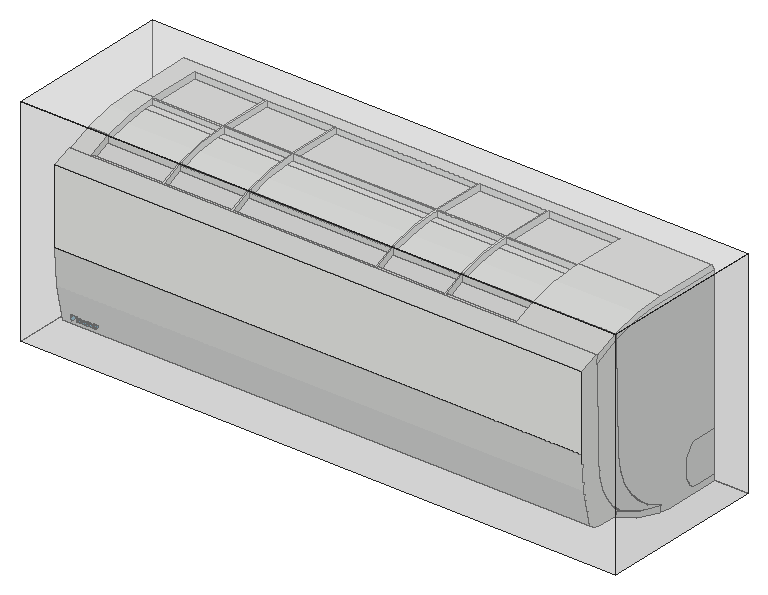
Revit family "outputfile", category 機械設備, Revit 2024 (continued)
Definition of nested family "DAIKIN_indoorunit_FTKC-TVM4"
  Automatic sketch dimensions
    plane 1 "Center (Front/Back)" to Extrusion 23 sketch curve = 5.0 mm
    Extrusion 23 sketch curve to plane 1 "Center (Front/Back)" = 0.0 mm
    Extrusion 23 sketch curve to level = 250.0 mm
    Extrusion 23 sketch curve to Extrusion 23 sketch curve = 229.518 mm
    Extrusion 23 sketch curve to Extrusion 23 sketch curve = 9.433 mm
    plane 1 "Center (Front/Back)" to Extrusion 25 sketch curve = 0.0 mm
    plane 1 "Center (Front/Back)" to Extrusion 25 sketch curve = 35.8 mm
    Extrusion 25 sketch curve to Extrusion 25 sketch curve = 0.0 mm
    Extrusion 25 sketch curve to Extrusion 25 sketch curve = 24.0 mm
    Extrusion 25 sketch curve to level = 287.0 mm
    Extrusion 25 sketch curve to Extrusion 25 sketch curve = 24.6 mm
    plane 1 "Center (Front/Back)" to Extrusion 26 sketch curve = 0.0 mm
    plane 1 "Center (Front/Back)" to Extrusion 26 sketch curve = 35.8 mm
    Extrusion 26 sketch curve to Extrusion 26 sketch curve = 0.0 mm
    Extrusion 26 sketch curve to Extrusion 26 sketch curve = 24.0 mm
    Extrusion 26 sketch curve to level = 287.0 mm
    Extrusion 26 sketch curve to Extrusion 26 sketch curve = 24.6 mm
    plane 8 to Extrusion 27 sketch curve = 48.0 mm
    plane 5 to Extrusion 27 sketch curve = 50.0 mm
    Extrusion 27 sketch curve to level = 250.5 mm  (x2)
    plane 1 "Center (Front/Back)" to Extrusion 28 sketch curve = 0.0 mm  (x2)
    plane 1 "Center (Front/Back)" to Extrusion 28 sketch curve = 35.8 mm  (x2)
    Extrusion 28 sketch curve to Extrusion 28 sketch curve = 0.0 mm  (x2)
    Extrusion 28 sketch curve to Extrusion 28 sketch curve = 24.0 mm  (x2)
    plane 8 to Extrusion 28 sketch curve = 26.2 mm
    Extrusion 28 sketch curve to Extrusion 28 sketch curve = 24.6 mm  (x2)
    plane 5 to Extrusion 28 sketch curve = 11.2 mm
    plane 8 to Extrusion 24 sketch curve = 30.0 mm  (x2)
    Extrusion 24 sketch curve to plane 6 = 10.1 mm  (x5)
    Extrusion 24 sketch curve to Extrusion 24 sketch curve = 0.0 mm  (x41)
    plane 4 to Extrusion 24 sketch curve = 22.0 mm
    Extrusion 24 sketch curve to Extrusion 24 sketch curve = 4.2 mm  (x18)
    Extrusion 24 sketch curve to Extrusion 24 sketch curve = 98.2 mm  (x4)
    Extrusion 24 sketch curve to plane 3 "Center (Left/Right)" = 57.0 mm
    Extrusion 24 sketch curve to Extrusion 24 sketch curve = 14.0 mm  (x2)
    plane 3 "Center (Left/Right)" to Extrusion 24 sketch curve = 54.0 mm
    plane 1 "Center (Front/Back)" to Extrusion 24 sketch curve = 22.7 mm  (x3)
    Extrusion 24 sketch curve to plane 5 = 20.0 mm
    Extrusion 24 sketch curve to Extrusion 24 sketch curve = 44.0 mm  (x5)
    Extrusion 24 sketch curve to Extrusion 24 sketch curve = 4.5 mm  (x4)
    Extrusion 24 sketch curve to Extrusion 24 sketch curve = 66.5 mm  (x4)
    Extrusion 24 sketch curve to Extrusion 24 sketch curve = 9.0 mm  (x4)
  Nested families
    nested 1: "daikin_logo_plane_w40" at (-320, -229.425, -231.122) x (1, 0, 0) z (0, -0.9656, -0.2599), visible <- "switch_unit1_15-35", type "daikin_logo_plane_w40"
      with show_logo yes
    nested 2: "daikin_logo_plane_w40" at (-430, -268.859, -227.4) x (1, 0, 0) z (0, -0.9839, -0.1789), visible <- "switch_unit1_50-71", type "daikin_logo_plane_w40"
      with show_logo yes
  Definition of nested family "daikin_logo_plane_w40"
    Parameters (values of type "daikin_logo_plane_w40")
      width = 40.0 mm
      show_logo [instance] = yes
      material = none
      height = 0.0 mm
      depth = 0.0 mm
      Default Elevation = 1219.2 mm
    Reference planes
      plane 1 "Center (Front/Back)": y = 0
      plane 2: z = 0
      plane 3 "Center (Left/Right)": x = 0
      plane 4: z = 2
      plane 5 "left": x = -19
      plane 6: x = 19
    Forms (mm)
      Extrusion 1, solid, visible <- "show_logo"
        sketch origin (-19, 0, 0) x (1, 0, 0) y (0, 1, 0)
          loop
            line (8.902, -1.878) -> (7.789, -6.332) -> (11.13, -6.332)
            arc (11.13, -6.332) -> (12.454, -6.064) -> (13.472, -5.176) r 2.642
            arc (13.472, -5.176) -> (13.92, -4.02) -> (13.767, -2.79) r 2.537
            arc (13.767, -2.79) -> (13.452, -2.342) -> (12.982, -2.06) r 1.321
            arc (12.982, -2.06) -> (12.063, -1.902) -> (11.13, -1.878) r 6.479
            line (11.13, -1.878) -> (8.902, -1.878)
          loop
            line (10.016, -5.441) -> (10.907, -5.441)
            arc (10.907, -5.441) -> (11.591, -4.983) -> (11.988, -4.261) r 1.742
            spline (11.988, -4.261) -> (12.01, -4.155) -> (12.027, -4.03) -> (12.037, -3.893) -> (12.037, -3.747) -> (12.026, -3.598) -> (12.002, -3.451) -> (11.962, -3.31) -> (11.905, -3.181) -> (11.829, -3.069) -> (11.731, -2.978) -> (11.61, -2.913) -> (11.464, -2.88)
            line (11.464, -2.88) -> (10.573, -2.88) -> (10.016, -5.441)
          loop
            line (13.58, -6.332) -> (14.805, -6.332) -> (15.223, -5.553) -> (16.977, -5.553) -> (17.144, -6.332) -> (19.149, -6.332) -> (18.258, -1.878) -> (16.03, -1.878) -> (13.58, -6.332)
          loop
            line (16.476, -3.214) -> (15.76, -4.551) -> (16.762, -4.551) -> (16.476, -3.214)
          loop
            line (19.705, -6.332) -> (21.599, -6.332) -> (22.712, -1.878) -> (20.819, -1.878) -> (19.705, -6.332)
          loop
            line (22.712, -6.332) -> (24.606, -6.332) -> (24.908, -5.122) -> (25.831, -6.332) -> (28.17, -6.332) -> (26.388, -3.994) -> (28.949, -1.878) -> (26.945, -1.878) -> (25.401, -3.153) -> (25.719, -1.878) -> (23.826, -1.878) -> (22.712, -6.332)
          loop
            line (29.84, -1.878) -> (28.615, -6.332) -> (30.62, -6.332) -> (31.734, -1.878) -> (29.84, -1.878)
          loop
            line (31.734, -6.332) -> (33.07, -6.332) -> (33.7, -3.814) -> (34.518, -6.332) -> (36.745, -6.332) -> (37.859, -1.878) -> (36.523, -1.878) -> (35.845, -4.589) -> (34.963, -1.878) -> (32.847, -1.878) -> (31.734, -6.332)
        from 0 to 2
      Extrusion 2, solid, visible <- "show_logo"
        sketch origin (-19, 0, 0) x (1, 0, 0) y (0, 1, 0)
          loop
            line (8.7, 0) -> (4.235, 0) -> (0, -3.879) -> (0, -8) -> (8.7, 0)
        from 0 to 2
      Extrusion 3, solid, visible <- "show_logo"
        sketch origin (-19, 0, 0) x (1, 0, 0) y (0, 1, 0)
          loop
            line (0, 0) -> (0, -3.879) -> (4.235, 0) -> (0, 0)
        from 0 to 2
    Dimensions and locks
      plane 4 to plane 2 = 2.0 mm
      equal spacing: plane 5 "left", plane 3 "Center (Left/Right)", plane 6
      locked: plane 5 "left" to plane 6 at 38
      aligned and locked: level to plane 2
      aligned and locked: Extrusion 3 to plane 1 "Center (Front/Back)"  (x2)
      aligned and locked: Extrusion 2 to plane 1 "Center (Front/Back)"  (x2)
      aligned and locked: plane 4 to Extrusion 1
      aligned and locked: plane 4 to Extrusion 3
      aligned and locked: plane 4 to Extrusion 2
      aligned and locked: Extrusion 3 to plane 5 "left"
      aligned and locked: Extrusion 2 to plane 5 "left"
    Automatic sketch dimensions
      Extrusion 1 sketch curve to Extrusion 1 sketch curve = 0.901 mm
      Extrusion 1 sketch curve to Extrusion 1 sketch curve = 1.559 mm
      Extrusion 1 sketch curve to Extrusion 1 sketch curve = 1.327 mm
      Extrusion 1 sketch curve to Extrusion 1 sketch curve = 2.145 mm
      Extrusion 1 sketch curve to Extrusion 1 sketch curve = 1.448 mm
      Extrusion 1 sketch curve to Extrusion 1 sketch curve = 2.116 mm
      Extrusion 1 sketch curve to Extrusion 1 sketch curve = 1.114 mm  (x4)
      Extrusion 1 sketch curve to Extrusion 1 sketch curve = 1.336 mm  (x2)
      plane 1 "Center (Front/Back)" to Extrusion 1 sketch curve = 1.878 mm  (x5)
      Extrusion 1 sketch curve to Extrusion 1 sketch curve = 1.893 mm  (x5)
      Extrusion 1 sketch curve to Extrusion 1 sketch curve = 0.891 mm  (x4)
      Extrusion 1 sketch curve to Extrusion 1 sketch curve = 2.005 mm  (x3)
      Extrusion 1 sketch curve to Extrusion 1 sketch curve = 0.445 mm  (x2)
      plane 1 "Center (Front/Back)" to Extrusion 1 sketch curve = 3.994 mm
      Extrusion 1 sketch curve to Extrusion 1 sketch curve = 0.557 mm  (x2)
      Extrusion 1 sketch curve to Extrusion 1 sketch curve = 2.339 mm  (x2)
      Extrusion 1 sketch curve to Extrusion 1 sketch curve = 1.225 mm  (x3)
      plane 1 "Center (Front/Back)" to Extrusion 1 sketch curve = 3.153 mm
      Extrusion 1 sketch curve to Extrusion 1 sketch curve = 0.987 mm
      plane 1 "Center (Front/Back)" to Extrusion 1 sketch curve = 5.122 mm
      Extrusion 1 sketch curve to Extrusion 1 sketch curve = 0.922 mm
      plane 1 "Center (Front/Back)" to Extrusion 1 sketch curve = 6.332 mm
      Extrusion 1 sketch curve to Extrusion 1 sketch curve = 2.562 mm
      plane 1 "Center (Front/Back)" to Extrusion 1 sketch curve = 5.553 mm
      Extrusion 1 sketch curve to Extrusion 1 sketch curve = 0.167 mm
      Extrusion 1 sketch curve to Extrusion 1 sketch curve = 0.215 mm
      plane 1 "Center (Front/Back)" to Extrusion 1 sketch curve = 3.214 mm
      Extrusion 1 sketch curve to Extrusion 1 sketch curve = 0.286 mm
      plane 1 "Center (Front/Back)" to Extrusion 1 sketch curve = 4.551 mm
      Extrusion 1 sketch curve to Extrusion 1 sketch curve = 1.002 mm
      Extrusion 1 sketch curve to Extrusion 1 sketch curve = 0.537 mm
      Extrusion 1 sketch curve to Extrusion 1 sketch curve = 0.418 mm
      Extrusion 1 sketch curve to Extrusion 1 sketch curve = 1.028 mm
      plane 1 "Center (Front/Back)" to Extrusion 1 sketch curve = 4.261 mm
      Extrusion 1 sketch curve to Extrusion 1 sketch curve = 0.563 mm
      plane 1 "Center (Front/Back)" to Extrusion 1 sketch curve = 2.88 mm
      Extrusion 1 sketch curve to Extrusion 1 sketch curve = 1.088 mm
      Extrusion 1 sketch curve to Extrusion 1 sketch curve = 2.152 mm
      Extrusion 1 sketch curve to Extrusion 1 sketch curve = 0.586 mm
      Extrusion 1 sketch curve to Extrusion 1 sketch curve = 0.118 mm
      Extrusion 1 sketch curve to Extrusion 1 sketch curve = 0.298 mm
      Extrusion 1 sketch curve to Extrusion 1 sketch curve = 0.334 mm
      Extrusion 1 sketch curve to Extrusion 1 sketch curve = 0.223 mm
      Extrusion 1 sketch curve to Extrusion 1 sketch curve = 0.266 mm
      Extrusion 1 sketch curve to Extrusion 1 sketch curve = 1.671 mm
      Extrusion 1 sketch curve to Extrusion 1 sketch curve = 2.227 mm
      Extrusion 1 sketch curve to Extrusion 1 sketch curve = 0.0 mm  (x7)
      Extrusion 1 sketch curve to Extrusion 1 sketch curve = 3.453 mm
      Extrusion 1 sketch curve to Extrusion 1 sketch curve = 2.017 mm
      Extrusion 1 sketch curve to Extrusion 1 sketch curve = 0.78 mm  (x2)
      Extrusion 1 sketch curve to Extrusion 1 sketch curve = 1.743 mm
      Extrusion 1 sketch curve to Extrusion 1 sketch curve = 0.775 mm
      Extrusion 1 sketch curve to Extrusion 1 sketch curve = 0.552 mm
      Extrusion 1 sketch curve to Extrusion 1 sketch curve = 0.014 mm
      Extrusion 1 sketch curve to Extrusion 1 sketch curve = 0.952 mm
      Extrusion 1 sketch curve to Extrusion 1 sketch curve = 1.215 mm
      Extrusion 1 sketch curve to Extrusion 1 sketch curve = 0.108 mm
      plane 1 "Center (Front/Back)" to Extrusion 2 sketch curve = 0.0 mm
      Extrusion 2 sketch curve to plane 3 "Center (Left/Right)" = 19.0 mm
      Extrusion 2 sketch curve to plane 3 "Center (Left/Right)" = 14.765 mm
      Extrusion 2 sketch curve to Extrusion 2 sketch curve = 4.465 mm
      plane 1 "Center (Front/Back)" to Extrusion 2 sketch curve = 3.879 mm
      Extrusion 2 sketch curve to Extrusion 2 sketch curve = 4.12 mm
      plane 1 "Center (Front/Back)" to Extrusion 3 sketch curve = 0.0 mm
      Extrusion 3 sketch curve to plane 3 "Center (Left/Right)" = 19.0 mm
      Extrusion 3 sketch curve to plane 3 "Center (Left/Right)" = 14.765 mm
      plane 1 "Center (Front/Back)" to Extrusion 3 sketch curve = 3.879 mm
      Extrusion 1 sketch curve to plane 3 "Center (Left/Right)" = 11.211 mm
      Extrusion 1 sketch curve to Extrusion 1 sketch curve = 1.782 mm
Definition of nested family "daikin_connector_rotate3"
  Parameters (values of type "daikin_connector_rotate3")
    show [instance] = yes
    radius [instance] = 10.0 mm
    length [instance] = 600.0 mm
    angle_horizontal [instance] = 60.00°
    angle_vertical [instance] = 90.00°
    Default Elevation = 1219.2 mm
  Reference planes
    plane 1 "Center (Front/Back)": y = 0
    plane 2: z = 0
    plane 3 "Center (Left/Right)": x = 0
  Dimensions and locks
    "angle_horizontal": angle plane 3 "Center (Left/Right)" to nested 1
    aligned and locked: level to plane 2
    aligned and locked: plane 1 "Center (Front/Back)" to nested 1  (x2)
    aligned and locked: plane 3 "Center (Left/Right)" to nested 1
  Nested families
    nested 1: "daikin_connector_rotate2" at (0, 0, 0) x (0.5, 0.866, 0) z (0, 0, 1), angle_vertical <- "angle_vertical", length <- "length", radius <- "radius", type "daikin_connector_rotate2"
      with radius 10.0 mm, length 600.0 mm, angle_vertical 90.00°
  Definition of nested family "daikin_connector_rotate2"
    Parameters (values of type "daikin_connector_rotate2")
      show_face = yes
      radius [instance] = 10.0 mm
      length [instance] = 600.0 mm
      d_surface = 10.0 mm
      angle_vertical [instance] = 90.00°
      Default Elevation = 0.0 mm
    Reference planes
      plane 1 "Center (Front/Back)": y = 0
      plane 2: z = 0
      plane 3 "Center (Left/Right)": x = 0
    Forms (mm)
      Extrusion 1, solid, visible <- "show_face"
        sketch origin (0, -600, 0) x (1, 0, 0) y (0, 0, 1)
          loop
            circle (0, 0) r 10
        from 0 to -10
    Lines and regions (mm)
      reference lines
        curve 1: line (0, 0, 0) -> (0, -600, 0)
      symbolic lines
        curve 2: circle (0, 0, 0) r 5 normal (0, 0, 1)
      model lines, visible <- "show_face"
        curve 3: line (0, 0, 0) -> (0, -600, 0)
    Dimensions and locks
      "length": curve 1 to curve 1
      "length": curve 3 to curve 3
      "d_surface": Extrusion 1 to Extrusion 1
      "radius": radius of Extrusion 1 sketch curve
      "angle_vertical": angle curve 1 to plane 1 "Center (Front/Back)"
      "angle_vertical": angle curve 3 to plane 1 "Center (Front/Back)"
      aligned and locked: level to plane 2
      aligned and locked: plane 1 "Center (Front/Back)" to curve 1
      aligned and locked: plane 2 to curve 1
      aligned and locked: plane 1 "Center (Front/Back)" to curve 2
      aligned and locked: plane 3 "Center (Left/Right)" to curve 2
      aligned and locked: plane 1 "Center (Front/Back)" to curve 3
      aligned and locked: plane 2 to curve 3
      aligned and locked: Extrusion 1 to Extrusion 1
    Automatic sketch dimensions
      Extrusion 1 sketch curve to level = 0.0 mm
      Extrusion 1 sketch curve to plane 3 "Center (Left/Right)" = 0.0 mm
      radius of curve 2 = 5.0 mm
